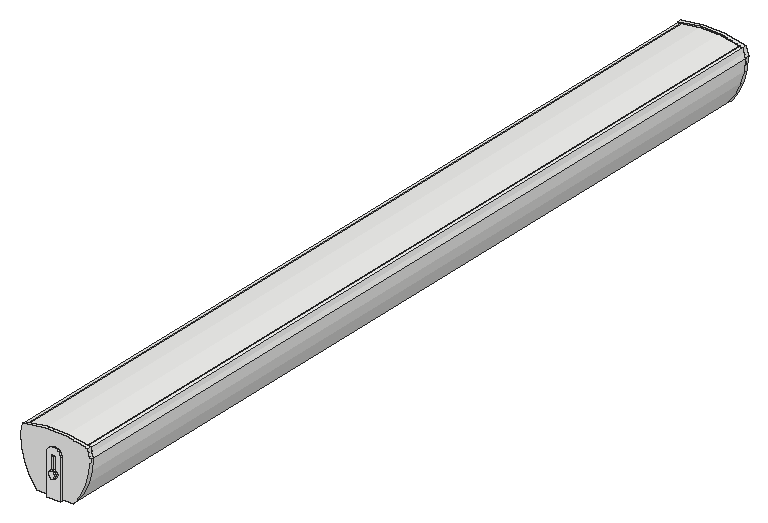
Revit family "Electronics_Desono_Biamp_Two-Way-Column-Loudspeaker_COLW101", category Communication Devices, host Face, Revit 2020
Family settings
  Host = Face
  Maintain Annotation Orientation = No
  Round Connector Dimension = Use Diameter
  Part Type = Normal
  OmniClass Number = 23.85.10.11.14.14.14
  OmniClass Title = Loudspeakers
  Cut with Voids When Loaded = No
  Shared = No
  Room Calculation Point = No
Parameters (values of type "COLW101")
  Width = 0' - 3.93701"  # constant formula
  Weight = 16.9756 lbf  # constant formula
  URL = "https://www.biamp.com/"
  Transformer = "70V: 100W, 50W, 30W, 20W; 100V: 100W, 60W, 40W"  # constant formula
  Transducers = "LF 10 x 3.3 (84 mm) coated paper cone HF 1 x 1 (25 mm) soft dome"  # constant formula
  Shipping Weight = 19.1802 lbf  # constant formula
  Rotate angle [instance] = 0.00°
  Recommended Amplifers = "100W - 200W @ 8Ω (28V - 40V)"  # constant formula
  Product data url = "https://www.bimobject.com/biamp/product/colw101_desono-column"
  Product Page URL = "https://www.biamp.com/products/product-families/desono/column-loudspeakers#colw101"
  Product Documentation Link = "https://downloads.biamp.com/assets/docs/default-source/data-sheets/biamp_data_sheet_desono_colw101_jun21.pdf"
  Operating Range (-10dB) = "165 Hz to 18 kHz"  # constant formula
  Operating Mode = "Passive"  # constant formula
  Operating Environment = "Indoor/Outdoor"  # constant formula
  Offset [instance] = 0' - 0"
  Nominal Sensitivity @ 1m = "1W - 99dB; 2.83V - 99dB"  # constant formula
  Nominal Maximum SPL @ 1m = "Peak - 125dB; Continuous - 119dB"  # constant formula
  Nominal Beamwidth (H x V) = "100° x 8°"  # constant formula
  Nom rotate angle [instance] = if(and(Nom offset = 0' 0", Rotate angle = 0.00°), 0.00°, if(and(Nom offset = 0' 0 5/128", or(Rotate angle < -5.00°, Rotate angle = -5.00°)), -5.00°, if(and(Nom offset = 0' 0 5/128", and(Rotate angle > -5.00°, Rotate angle < 5.00°)), Rotate angle, if(and(Nom offset = 0' 0 5/128", or(Rotate angle > 5.00°, Rotate angle = 5.00°)), 5.00°, if(and(and(Nom offset > 0' 0 5/128", Nom offset < 0' 0 5/32"), or(Rotate angle < -10.00°, Rotate angle = -10.00°)), -10.00°, if(and(and(Nom offset > 0' 0 5/128", Nom offset < 0' 0 5/32"), and(Rotate angle > -10.00°, Rotate angle < 10.00°)), Rotate angle, if(and(and(Nom offset > 0' 0 5/128", Nom offset < 0' 0 5/32"), or(Rotate angle > 10.00°, Rotate angle = 10.00°)), 10.00°, if(and(Nom offset = 0' 0 5/32", or(Rotate angle < -15.00°, Rotate angle = -15.00°)), -15.00°, if(and(Nom offset = 0' 0 5/32", and(Rotate angle > -15.00°, Rotate angle < 15.00°)), Rotate angle, if(and(Nom offset = 0' 0 5/32", or(Rotate angle > 15.00°, Rotate angle = 15.00°)), 15.00°, if(and(and(Nom offset > 0' 0 5/32", Nom offset < 0' 0 81/256"), or(Rotate angle < -20.00°, Rotate angle = -20.00°)), -20.00°, if(and(and(Nom offset > 0' 0 5/32", Nom offset < 0' 0 81/256"), and(Rotate angle > -20.00°, Rotate angle < 20.00°)), Rotate angle, if(and(and(Nom offset > 0' 0 5/32", Nom offset < 0' 0 81/256"), or(Rotate angle > 20.00°, Rotate angle = 20.00°)), 20.00°, if(and(Nom offset = 0' 0 81/256", or(Rotate angle < -25.00°, Rotate angle = -25.00°)), -25.00°, if(and(Nom offset = 0' 0 81/256", and(Rotate angle > -25.00°, Rotate angle < 25.00°)), Rotate angle, if(and(Nom offset = 0' 0 81/256", or(Rotate angle > 25.00°, Rotate angle = 25.00°)), 25.00°, if(and(Nom offset = 0' 0 91/256", or(Rotate angle < -60.00°, Rotate angle = -60.00°)), -60.00°, if(and(Nom offset = 0' 0 91/256", and(Rotate angle > -60.00°, Rotate angle < 60.00°)), Rotate angle, if(and(Nom offset = 0' 0 91/256", or(Rotate angle > 60.00°, Rotate angle = 60.00°)), 60.00°, if(and(Nom offset = 0' 0 101/256", or(Rotate angle < -65.00°, Rotate angle = -65.00°)), -65.00°, if(and(Nom offset = 0' 0 101/256", and(Rotate angle > -65.00°, Rotate angle < 65.00°)), Rotate angle, if(and(Nom offset = 0' 0 101/256", or(Rotate angle > 65.00°, Rotate angle = 65.00°)), 65.00°, if(and(Nom offset = 0' 0 111/256", or(Rotate angle < -70.00°, Rotate angle = -70.00°)), -70.00°, if(and(Nom offset = 0' 0 111/256", and(Rotate angle > -70.00°, Rotate angle < 70.00°)), Rotate angle, if(and(Nom offset = 0' 0 111/256", or(Rotate angle > 70.00°, Rotate angle = 70.00°)), 70.00°, if(and(Nom offset = 0' 0 121/256", or(Rotate angle < -75.00°, Rotate angle = -75.00°)), -75.00°, if(and(Nom offset = 0' 0 121/256", and(Rotate angle > -75.00°, Rotate angle < 75.00°)), Rotate angle, if(and(Nom offset = 0' 0 121/256", or(Rotate angle > 75.00°, Rotate angle = 75.00°)), 75.00°, if(and(and(Nom offset > 0' 0 121/256", Nom offset < 0' 0 151/256"), or(Rotate angle < -80.00°, Rotate angle = -80.00°)), -80.00°, if(and(and(Nom offset > 0' 0 121/256", Nom offset < 0' 0 151/256"), and(Rotate angle > -80.00°, Rotate angle < 80.00°)), Rotate angle, if(and(and(Nom offset > 0' 0 121/256", Nom offset < 0' 0 151/256"), or(Rotate angle > 80.00°, Rotate angle = 80.00°)), 80.00°, if(and(and(Nom offset > 0' 0 141/256", Nom offset < 0' 0 181/256"), or(Rotate angle < -85.00°, Rotate angle = -85.00°)), -85.00°, if(and(and(Nom offset > 0' 0 141/256", Nom offset < 0' 0 181/256"), and(Rotate angle > -85.00°, Rotate angle < 85.00°)), Rotate angle, if(and(and(Nom offset > 0' 0 141/256", Nom offset < 0' 0 181/256"), or(Rotate angle > 85.00°, Rotate angle = 85.00°)), 85.00°, if(and(and(Nom offset > 0' 0 171/256", Nom offset < 0' 0 209/256"), or(Rotate angle < -90.00°, Rotate angle = -90.00°)), -90.00°, if(and(and(Nom offset > 0' 0 171/256", Nom offset < 0' 0 209/256"), and(Rotate angle > -90.00°, Rotate angle < 90.00°)), Rotate angle, if(and(and(Nom offset > 0' 0 171/256", Nom offset < 0' 0 209/256"), or(Rotate angle > 90.00°, Rotate angle = 90.00°)), 90.00°, 0.00°)))))))))))))))))))))))))))))))))))))  # 0.00°
  Nom offset [instance] = if(or(Offset < 0' 0", Offset = 0' 0"), 0' 0", if(and(Offset > 0' 0", Offset < 0' 0 13/16"), Offset, if(or(Offset > 0' 0 13/16", Offset = 0' 0 13/16"), 0' 0 13/16", 0' 0")))  # 0' - 0"
  Mounting Provisions = "Adjustable tilt L-bracket"  # constant formula
  Model = "COLW101"  # constant formula
  Manufacturer = "Biamp"  # constant formula
  Input Connection = "Multi-position pass-through, screw-down terminal block"  # constant formula
  Housing Material = Biamp - Plastic - White
  Height = 3' - 10.45669"  # constant formula
  Grill Material = Biamp - Plastic - White(Grid)
  Environmental = "IP66 per IEC 60529"  # constant formula
  Description = "Desono™ COLW101 Two-Way 10 x 3.3 Column Loudspeaker"  # constant formula
  Depth = 0' - 3.26772"  # constant formula
  Default Elevation = 4' - 0"
  Controls = "None; select transformer tap or low impedance input via terminal block wiring"  # constant formula
  Continuous Power Handling Nominal Impedance = "28V; 100W @ 8Ω (400W peak)"  # constant formula
  Connector Description = "Terminal block; Low impedance 8 ohms, 70V/100V operation"  # constant formula
  Bracket Material = Biamp - Metal - White
Reference planes (in)
  plane 1 "Center (Front/Back)": y = 0
  plane 2: z = 0
  plane 3 "Center (Left/Right)": x = 0
  plane 4: z = 1.28516
  plane 5: z = 1.28516
Forms (in)
  Sweep 1, solid, material "Biamp - Metal - White" <- "Bracket Material", detail levels coarse
    path origin (0, 0, 0) x (1, 0, 0) y (0, 1, 0)
      loop
        line (0.3937, 0) -> (-0.3937, 0)
    profile origin (0, 0, 0) x (0, -1, 0) y (0, 0, 1)
      loop
        line (-23.34646, 0) -> (-20.27559, 0) -> (-20.27559, 0.07874) -> (-23.26772, 0.07874) -> (-23.26772, 2.61565) -> (-23.34646, 2.61565) -> (-23.34646, 0)
      loop
        line (23.34646, 0) -> (23.34646, 2.61565) -> (23.26772, 2.61565) -> (23.26772, 0.07874) -> (20.27559, 0.07874) -> (20.27559, 0) -> (23.34646, 0)
  Sweep 2, solid, material "Biamp - Metal - White" <- "Bracket Material", detail levels medium+fine
    path origin (0, 0, 0) x (1, 0, 0) y (0, 1, 0)
      loop
        line (0.3937, 0) -> (-0.3937, 0)
    profile origin (0, 0, 0) x (0, -1, 0) y (0, 0, 1)
      loop
        line (-23.34646, 0) -> (-20.27559, 0) -> (-20.27559, 0.07874) -> (-23.26772, 0.07874) -> (-23.26772, 2.61565) -> (-23.34646, 2.61565) -> (-23.34646, 0)
      loop
        line (23.34646, 0) -> (23.34646, 2.61565) -> (23.26772, 2.61565) -> (23.26772, 0.07874) -> (20.27559, 0.07874) -> (20.27559, 0) -> (23.34646, 0)
  Sweep 3, void
    path origin (0, 0, 0) x (1, 0, 0) y (0, 1, 0)
      loop
        line (0, -23.4252) -> (0, 23.4252)
    profile origin (0, 0, 0) x (-1, 0, 0) y (0, 0, 1)
      loop
        line (0.3937, 2.22195) -> (0.7874, 2.73406) -> (-0.7874, 2.73406) -> (-0.3937, 2.22195)
        arc (-0.3937, 2.22195) -> (0, 2.61565) -> (0.3937, 2.22195) r 0.3937
  Sweep 4, void
    path origin (0, 0, 0) x (1, 0, 0) y (0, 1, 0)
      loop
        line (0, -23.4252) -> (0, 23.4252)
    profile origin (0, 0, 0) x (-1, 0, 0) y (0, 0, 1)
      loop
        line (0.11834, 1.25419) -> (0.11834, 2.12889)
        arc (0.11834, 2.12889) -> (0, 2.24723) -> (-0.11834, 2.12889) r 0.11834
        line (-0.11834, 2.12889) -> (-0.11834, 1.25419)
        arc (-0.11834, 1.25419) -> (0, 1.13584) -> (0.11834, 1.25419) r 0.11834
  Revolve 5, solid, material "Biamp - Metal - White" <- "Bracket Material"
    sketch origin (0, 0, 0) x (0, 1, 0) y (0, 0, 1)
      loop
        line (23.12703, 1.28516) -> (23.41339, 1.28516) -> (23.41339, 1.50524) -> (23.34646, 1.50524) -> (23.34646, 1.34602) -> (23.12703, 1.34602) -> (23.12703, 1.28516)
      loop
        line (-23.12703, 1.28516) -> (-23.12703, 1.34602) -> (-23.34646, 1.34602) -> (-23.34646, 1.50524) -> (-23.41339, 1.50524) -> (-23.41339, 1.28516) -> (-23.12703, 1.28516)
      axis (-23.41339, 1.28516) -> (23.41339, 1.28516)
    angle from 0 to 360
  Sweep 6, solid, material "Biamp - Metal - White" <- "Bracket Material", detail levels medium+fine
    path origin (0, 15.27559, 0) x (0, 1, 0) y (0, 0, 1)
      loop
        line (8.13779, 1.28516) -> (8.21091, 1.28516)
    profile origin (0, 23.44994, 1.28516) x (0, 0, 1) y (1, 0, 0)
      loop
        line (0.05002, 0.18667) -> (-0.13665, 0.13665) -> (-0.18667, -0.05002) -> (-0.05002, -0.18667) -> (0.13665, -0.13665) -> (0.18667, 0.05002) -> (0.05002, 0.18667)
  Sweep 7, solid, material "Biamp - Metal - White" <- "Bracket Material", detail levels medium+fine
    path origin (0, -15.27559, 0) x (0, -1, 0) y (0, 0, 1)
      loop
        line (8.13779, 1.28516) -> (8.21091, 1.28516)
    profile origin (0, -23.44994, 1.28516) x (0, 0, -1) y (1, 0, 0)
      loop
        line (-0.05002, 0.18667) -> (-0.18667, 0.05002) -> (-0.13665, -0.13665) -> (0.05002, -0.18667) -> (0.18667, -0.05002) -> (0.13665, 0.13665) -> (-0.05002, 0.18667)
Cuts and joins
  Sweep 3, Sweep 4 cuts Sweep 2
  Sweep 4 cuts Sweep 1
Lines and regions (in)
  Masking region 1
    outline origin (0, 0, 0) x (1, 0, 0) y (0, 0, 1)
      loop
        line (-0.3937, 0) -> (0.3937, 0) -> (0.3937, 2.22195)
        arc (0.3937, 2.22195) -> (0, 2.61565) -> (-0.3937, 2.22195) r 0.3937
        line (-0.3937, 2.22195) -> (-0.3937, 0)
      loop
        arc (-0.11834, 1.25419) -> (0, 1.13584) -> (0.11834, 1.25419) r 0.11834
        line (0.11834, 1.25419) -> (0.11834, 2.12889)
        arc (0.11834, 2.12889) -> (0, 2.24723) -> (-0.11834, 2.12889) r 0.11834
        line (-0.11834, 2.12889) -> (-0.11834, 1.25419)
  Masking region 2
    outline origin (0, 8.52362, 0) x (1, 0, 0) y (0, 1, 0)
      loop
        line (-0.3937, 14.90157) -> (-0.3937, 11.83071) -> (0.3937, 11.83071) -> (0.3937, 14.90157) -> (-0.3937, 14.90157)
      loop
        line (-0.3937, -31.94882) -> (0.3937, -31.94882) -> (0.3937, -28.87795) -> (-0.3937, -28.87795) -> (-0.3937, -31.94882)
  Masking region 3
    outline origin (0, 0, 0) x (1, 0, 0) y (0, 0, 1)
      loop
        circle (0, 1.28516) r 0.22008
  reference lines
    curve 1: line (0, 0, 1.28516) -> (0, 0, 4.82846)
Dimensions and locks (in)
  Masking region 1 sketch curve to Masking region 1 sketch curve = 0' - 2.22195"
  Masking region 1 sketch curve to plane 2 = 0' - 1.25419"
  "Nom offset": plane 4 to plane 5
  "Nom rotate angle": angle curve 1 to plane 3 "Center (Left/Right)"
  aligned and locked: plane 2 to host face
  aligned and locked: level to host face
  aligned and locked: plane 3 "Center (Left/Right)" to curve 1
  aligned and locked: plane 4 to curve 1
  aligned and locked: Sweep 7 sketch curve to plane 4
Automatic sketch dimensions
  host sketch curve to host sketch curve = 8' - 0"  (x2)
  plane 1 "Center (Front/Back)" to Sweep 1 sketch curve = 0' - 0"
  Sweep 1 sketch curve to plane 3 "Center (Left/Right)" = 0' - 0.3937"
  plane 3 "Center (Left/Right)" to Sweep 1 sketch curve = 0' - 0.3937"
  level to Sweep 1 sketch curve = 0' - 0"
  Sweep 1 sketch curve to level = 0' - 0"
  level to Sweep 1 sketch curve = 0' - 2.61565"
  profile plane to Sweep 1 sketch curve = 1' - 11.34646"
  Sweep 1 sketch curve to Sweep 1 sketch curve = 0' - 0.07874"  (x2)
  level to Sweep 1 sketch curve = 0' - 0.07874"  (x2)
  Sweep 1 sketch curve to Sweep 1 sketch curve = 0' - 2.99213"  (x2)
  Sweep 1 sketch curve to profile plane = 1' - 8.27559"
  Sweep 1 sketch curve to Sweep 1 sketch curve = 0' - 2.53691"
  plane 1 "Center (Front/Back)" to Sweep 2 sketch curve = 0' - 0"
  Sweep 2 sketch curve to plane 3 "Center (Left/Right)" = 0' - 0.3937"
  plane 3 "Center (Left/Right)" to Sweep 2 sketch curve = 0' - 0.3937"
  Sweep 2 sketch curve to level = 0' - 0"  (x2)
  level to Sweep 2 sketch curve = 0' - 2.61565"
  profile plane to Sweep 2 sketch curve = 1' - 11.34646"
  Sweep 2 sketch curve to Sweep 2 sketch curve = 0' - 0.07874"  (x2)
  level to Sweep 2 sketch curve = 0' - 0.07874"  (x2)
  Sweep 2 sketch curve to Sweep 2 sketch curve = 0' - 2.99213"  (x2)
  Sweep 2 sketch curve to profile plane = 1' - 8.27559"
  Sweep 2 sketch curve to Sweep 2 sketch curve = 0' - 2.53691"
  Sweep 3 sketch curve to profile plane = 0' - 0"
  profile plane to Sweep 3 sketch curve = 0' - 0.3937"
  Sweep 3 sketch curve to Sweep 3 sketch curve = 0' - 0.3937"  (x2)
  level to Sweep 3 sketch curve = 0' - 2.22195"
  Sweep 3 sketch curve to Sweep 3 sketch curve = 0' - 0.51211"
  Sweep 4 sketch curve to plane 3 "Center (Left/Right)" = 0' - 0"
  plane 1 "Center (Front/Back)" to Sweep 4 sketch curve = 1' - 11.4252"
  Sweep 4 sketch curve to plane 1 "Center (Front/Back)" = 1' - 11.4252"
  Sweep 4 sketch curve to profile plane = 0' - 0"
  profile plane to Sweep 4 sketch curve = 0' - 0.11834"
  level to Sweep 4 sketch curve = 0' - 1.25419"
  Sweep 4 sketch curve to Sweep 4 sketch curve = 0' - 0.8747"
  Revolve 5 sketch curve to plane 4 = 0' - 0"  (x3)
  plane 1 "Center (Front/Back)" to Revolve 5 sketch curve = 1' - 11.41339"
  Revolve 5 sketch curve to Revolve 5 sketch curve = 0' - 0.06693"  (x2)
  Revolve 5 sketch curve to Revolve 5 sketch curve = 0' - 0.21943"  (x2)
  Revolve 5 sketch curve to plane 1 "Center (Front/Back)" = 1' - 11.12703"
  plane 4 to Revolve 5 sketch curve = 0' - 0.06086"  (x2)
  Revolve 5 sketch curve to Revolve 5 sketch curve = 0' - 0.15922"  (x2)
  Revolve 5 sketch curve to Revolve 5 sketch curve = 1' - 3.41049"
  Revolve 5 sketch curve to Revolve 5 sketch curve = 1' - 3.1063"
  Sweep 6 sketch curve to plane 4 = 0' - 0"
  Sweep 6 sketch curve to plane 1 "Center (Front/Back)" = 1' - 11.41339"
  Sweep 6 sketch curve to Sweep 6 sketch curve = 0' - 0.07312"
  Sweep 6 sketch curve to plane 3 "Center (Left/Right)" = 0' - 0.05002"
  profile plane to Sweep 6 sketch curve = 0' - 0.18667"
  profile plane to Sweep 6 sketch curve = 0' - 0.13665"
  profile plane to Sweep 6 sketch curve = 0' - 0.05002"
  Sweep 6 sketch curve to profile plane = 0' - 0.05002"
  Sweep 6 sketch curve to profile plane = 0' - 0.13665"
  plane 3 "Center (Left/Right)" to Sweep 6 sketch curve = 0' - 0.05002"
  Sweep 6 sketch curve to profile plane = 0' - 0.18667"
  Sweep 6 sketch curve to plane 3 "Center (Left/Right)" = 0' - 0.13665"
  Sweep 6 sketch curve to plane 3 "Center (Left/Right)" = 0' - 0.18667"
  plane 3 "Center (Left/Right)" to Sweep 6 sketch curve = 0' - 0.13665"
  plane 3 "Center (Left/Right)" to Sweep 6 sketch curve = 0' - 0.18667"
  Sweep 7 sketch curve to plane 1 "Center (Front/Back)" = 1' - 11.41339"
  Sweep 7 sketch curve to Sweep 7 sketch curve = 0' - 0.07312"
  plane 3 "Center (Left/Right)" to Sweep 7 sketch curve = 0' - 0.05002"
  profile plane to Sweep 7 sketch curve = 0' - 0.18667"
  profile plane to Sweep 7 sketch curve = 0' - 0.13665"
  profile plane to Sweep 7 sketch curve = 0' - 0.05002"
  Sweep 7 sketch curve to profile plane = 0' - 0.05002"
  Sweep 7 sketch curve to profile plane = 0' - 0.13665"
  Sweep 7 sketch curve to plane 3 "Center (Left/Right)" = 0' - 0.05002"
  Sweep 7 sketch curve to profile plane = 0' - 0.18667"
  Sweep 7 sketch curve to plane 3 "Center (Left/Right)" = 0' - 0.13665"
  Sweep 7 sketch curve to plane 3 "Center (Left/Right)" = 0' - 0.18667"
  plane 3 "Center (Left/Right)" to Sweep 7 sketch curve = 0' - 0.13665"
  plane 3 "Center (Left/Right)" to Sweep 7 sketch curve = 0' - 0.18667"
  Masking region 1 sketch curve to level = 0' - 0"
  Masking region 1 sketch curve to plane 3 "Center (Left/Right)" = 0' - 0.3937"
  Masking region 1 sketch curve to plane 3 "Center (Left/Right)" = 0' - 0"  (x2)
  Sweep 3 sketch curve to plane 3 "Center (Left/Right)" = 0' - 0"
  plane 1 "Center (Front/Back)" to Sweep 3 sketch curve = 1' - 11.4252"
  Sweep 3 sketch curve to plane 1 "Center (Front/Back)" = 1' - 11.4252"
  Masking region 2 sketch curve to plane 3 "Center (Left/Right)" = 0' - 0.3937"  (x2)
  plane 3 "Center (Left/Right)" to Masking region 2 sketch curve = 0' - 0.3937"  (x2)
  plane 1 "Center (Front/Back)" to Masking region 2 sketch curve = 1' - 11.4252"
  Masking region 2 sketch curve to Masking region 2 sketch curve = 0' - 3.07087"  (x2)
  Masking region 2 sketch curve to plane 1 "Center (Front/Back)" = 1' - 8.35433"
  Masking region 1 sketch curve to Masking region 1 sketch curve = 0' - 0.11834"
  Masking region 1 sketch curve to Masking region 1 sketch curve = 0' - 0.09306"
  Masking region 3 sketch curve to plane 3 "Center (Left/Right)" = 0' - 0"
  Masking region 3 sketch curve to plane 4 = 0' - 0"
  radius of Masking region 3 sketch curve = 0' - 0.22008"
Nested families (in)
  nested 1: "COLW101" at (0, 0, 0.09596), Housing Material <- "Housing Material", Grill <- "Grill Material", type "COLW101"
    with Housing Material Biamp - Plastic - White, Grill Biamp - Plastic - White(Grid)
Connectors (in)
  electrical at (0.00001, -17.71654, 0.14318), driven by "Connector Description"
    settings: on nested 1, index 1, voltage 0 V, apparent load 0 VA, apparent load phase1 0 VA, apparent load phase2 0 VA, apparent load phase3 0 VA, power factor 1, load classification "Other", number of poles 1, system type 5, power factor state 1, is connector primary yes, connector utility no, sub classification motor no, connector description "Terminal block; Low impedance 8 ohms, 70V/100V operation"
Definition of nested family "COLW101"
  Parameters (values of type "COLW101")
    Housing Material [instance] = none
    Grill [instance] = none
    Default Elevation = 4' - 0"
  Reference planes (in)
    plane 1 "Center (Front/Back)": y = 0
    plane 2: z = 0
    plane 3 "Center (Left/Right)": x = 0
  Forms (in)
    Extrusion 1, solid, material <- "Housing Material", detail levels medium+fine
      sketch origin (0, 0, 0) x (1, 0, 0) y (0, 0, 1)
        loop
          arc (1.9773, 2.53036) -> (1.88361, 2.76863) -> (1.8368, 3.02034) r 1.34432
          arc (1.8368, 3.02034) -> (0, 3.25102) -> (-1.8368, 3.02034) r 7.42829
          arc (-1.8368, 3.02034) -> (-1.88361, 2.76863) -> (-1.9773, 2.53036) r 1.34432
          arc (-1.9773, 2.53036) -> (-1.73064, 1.17745) -> (-1.02013, 0) r 3.81351
          line (-1.02013, 0) -> (1.02013, 0)
          arc (1.02013, 0) -> (1.73064, 1.17745) -> (1.9773, 2.53036) r 3.81351
      from -23.0315 to 23.0315
    Extrusion 2, solid, material <- "Housing Material", detail levels medium+fine
      sketch origin (0, 0, 0) x (1, 0, 0) y (0, 0, 1)
        loop
          arc (1.9773, 2.53036) -> (1.87854, 2.7868) -> (1.83399, 3.05797) r 1.34432
          arc (1.83399, 3.05797) -> (0, 3.28793) -> (-1.83399, 3.05797) r 7.42829
          arc (-1.83399, 3.05797) -> (-1.87854, 2.7868) -> (-1.9773, 2.53036) r 1.34432
          arc (-1.9773, 2.53036) -> (-1.73064, 1.17745) -> (-1.02013, 0) r 3.81351
          line (-1.02013, 0) -> (1.02013, 0)
          arc (1.02013, 0) -> (1.73064, 1.17745) -> (1.9773, 2.53036) r 3.81351
      from 23.0315 to 23.22835
    Extrusion 3, solid, material <- "Housing Material", detail levels medium+fine
      sketch origin (0, 0, 0) x (1, 0, 0) y (0, 0, 1)
        loop
          line (-1.02013, 0) -> (1.02013, 0)
          arc (1.02013, 0) -> (1.73064, 1.17745) -> (1.9773, 2.53036) r 3.81351
          arc (1.9773, 2.53036) -> (1.87854, 2.7868) -> (1.83399, 3.05797) r 1.34432
          arc (1.83399, 3.05797) -> (0, 3.28793) -> (-1.83399, 3.05797) r 7.42829
          arc (-1.83399, 3.05797) -> (-1.87854, 2.7868) -> (-1.9773, 2.53036) r 1.34432
          arc (-1.9773, 2.53036) -> (-1.73064, 1.17745) -> (-1.02013, 0) r 3.81351
      from -23.22835 to -23.0315
    Extrusion 4, solid, material <- "Housing Material", detail levels coarse
      sketch origin (0, 0, 0) x (1, 0, 0) y (0, 0, 1)
        loop
          arc (1.9773, 2.53036) -> (1.88361, 2.76863) -> (1.8368, 3.02034) r 1.34432
          arc (1.8368, 3.02034) -> (0, 3.25102) -> (-1.8368, 3.02034) r 7.42829
          arc (-1.8368, 3.02034) -> (-1.88361, 2.76863) -> (-1.9773, 2.53036) r 1.34432
          arc (-1.9773, 2.53036) -> (-1.73064, 1.17745) -> (-1.02013, 0) r 3.81351
          line (-1.02013, 0) -> (1.02013, 0)
          arc (1.02013, 0) -> (1.73064, 1.17745) -> (1.9773, 2.53036) r 3.81351
      from -23.22835 to 23.22835
    Extrusion 5, void
      sketch origin (0, 0, 0) x (1, 0, 0) y (0, 1, 0)
        loop
          line (-1.63995, -23.0315) -> (1.63995, -23.0315) -> (1.63995, 23.0315) -> (-1.63995, 23.0315) -> (-1.63995, -23.0315)
      from 2.94063 to 3.58187
    Extrusion 6, solid, material <- "Grill", detail levels medium+fine
      sketch origin (0, -23.22835, 0) x (1, 0, 0) y (0, 0, 1)
        loop
          arc (1.63995, 3.06773) -> (0, 3.25102) -> (-1.63995, 3.06773) r 7.42829
          line (-1.63995, 3.06773) -> (-1.63995, 2.98698)
          arc (-1.63995, 2.98698) -> (0, 3.17228) -> (1.63995, 2.98698) r 7.34955
          line (1.63995, 2.98698) -> (1.63995, 3.06773)
      from -46.25984 to -0.19685
    Extrusion 7, void
      sketch origin (-0.71874, -11.90945, 0) x (-1, 0, 0) y (0, -1, 0)
        loop
          circle (-0.71875, 5.80709) r 0.19685
      from 0 to 0.04722
  Cuts and joins
    Extrusion 5, Extrusion 7 cuts Extrusion 1
    Extrusion 7 cuts Extrusion 4
    Extrusion 7 cuts Extrusion 6
  Lines and regions (in)
    Masking region 1
      outline origin (0, 0, 0) x (1, 0, 0) y (0, 1, 0)
        loop
          line (-1.9773, 23.22835) -> (-1.9773, 23.0315) -> (1.9773, 23.0315) -> (1.9773, 23.22835) -> (-1.9773, 23.22835)
        loop
          line (-1.9773, -23.0315) -> (-1.9773, -23.22835) -> (1.9773, -23.22835) -> (1.9773, -23.0315) -> (-1.9773, -23.0315)
    Masking region 2
      outline origin (0, 0, 0) x (1, 0, 0) y (0, 1, 0)
        loop
          line (-1.8368, 23.0315) -> (-1.8368, -23.0315) -> (1.8368, -23.0315) -> (1.8368, 23.0315) -> (-1.8368, 23.0315)
    Masking region 3
      outline origin (0, 0, 0) x (1, 0, 0) y (0, 1, 0)
        loop
          line (-1.9773, 23.0315) -> (-1.9773, -23.0315) -> (1.9773, -23.0315) -> (1.9773, 23.0315) -> (-1.9773, 23.0315)
    Masking region 4
      outline origin (0, 0, 0) x (1, 0, 0) y (0, 0, 1)
        loop
          arc (-1.9773, 2.53036) -> (-1.73064, 1.17745) -> (-1.02013, 0) r 3.81351
          line (-1.02013, 0) -> (1.02013, 0)
          arc (1.02013, 0) -> (1.73064, 1.17745) -> (1.9773, 2.53036) r 3.81351
          arc (1.9773, 2.53036) -> (1.87854, 2.7868) -> (1.83399, 3.05797) r 1.34432
          arc (1.83399, 3.05797) -> (0, 3.28793) -> (-1.83399, 3.05797) r 7.42829
          arc (-1.83399, 3.05797) -> (-1.87854, 2.7868) -> (-1.9773, 2.53036) r 1.34432
  Dimensions and locks (in)
    aligned and locked: level to plane 2
